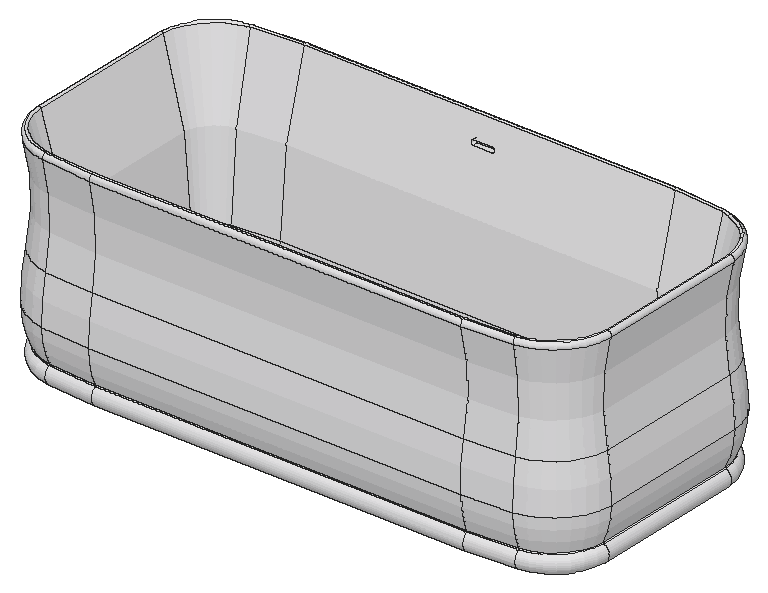
Revit family "Bath-Freestanding-KOHLER-Imperator-K-8334", category Plumbing Fixtures, host Face, Revit 2015
Parameters (values of type "0-White")
  Width = 30 15/16"  # constant formula
  Waste Water Outlet = "Waste Water Outlet"  # constant formula
  Waste Connection = 1 = 1  # yes
  Vent Connection = 1 = 0  # no
  URL = "https://www.us.kohler.com/us/"
  Product Page URL = "http://www.us.kohler.com/us/catalog/productDetails.jsp?productNumber=8334"
  Product Name = "Imperator"  # constant formula
  Product Documentation Link = "http://www.us.kohler.com/onlinecatalog/pdf/K-8334_spec.pdf"
  Model = "K-8334-0"  # constant formula
  Material = "Lithocast Gloss Cast Resin"  # constant formula
  MasterFormat 2004 = "22.41.19"  # constant formula
  MasterFormat 1995 = "15410"  # constant formula
  Manufacturer Address = "444 Highland Dr, Kohler, WI 53044"  # constant formula
  Manufacturer = "KOHLER Co."  # constant formula
  Length = 65 3/4"  # constant formula
  Hot Water Inlet = "Hot Water Inlet"  # constant formula
  Height = 23 3/4"  # constant formula
  HW Connection = 1 = 0  # no
  Finish = Kohler-Lithocast-0-White
  Environmental Product Declaration = ""
  Drain Included = 1 = 1  # yes
  Description = "66inch x 31inch freestanding bath with center toe-tap drain"  # constant formula
  Default Elevation = 0"
  Declare Label = ""
  Date Modified = "01/04/2019"  # constant formula
  Date Created = "01/04/2019"  # constant formula
  Copyright = "Copyright KOHLER Co."  # constant formula
  Contact Us = "https://www.us.kohler.com/us/static/contact.jsp"
  Cold Water Inlet = "Cold Water Inlet"  # constant formula
  CW Connection = 1 = 0  # no
  Assembly Code = "D2010500"
  ADA Compliant = 1 = 0  # no
Reference planes (in)
  plane 1 "Center (Front/Back)": y = 0
  plane 2: z = 0
  plane 3 "Center (Left/Right)": x = 0
  plane 4: y = 15.625
  plane 5: y = -15.3125
  plane 6: x = -32.875
  plane 7: x = 32.875
  plane 8: z = 23.75
Dimensions and locks (in)
  "Width": plane 5 to plane 4
  plane 5 to plane 1 "Center (Front/Back)" = 15 5/16"
  "Length": plane 6 to plane 7
  plane 6 to plane 3 "Center (Left/Right)" = 32 7/8"
  "Height": plane 8 to level
  aligned and locked: plane 2 to host face
  aligned and locked: level to host face
Automatic sketch dimensions
  host sketch curve to host sketch curve = 96"  (x2)
Nested families (in)
  nested 1: "K-8334" at (0, 0, 0), type "K-8334"
Connectors (in)
  piping at (0, 0, 1.7018), diameter 1.5, driven by "Waste Connection", driven by "Waste Water Outlet"
    settings: on nested 1, index 1, connector inside diameter 24", connector length 0", flow factor 0, pipe flow 0 GPM, pressure drop 0.00 psi, fitting loss kfactor 0, connector angle 0.00°, fixture units 0, engagement length 0", angle of deflection 0.00°, flow configuration 0, flow direction 2, fitting loss method 0, system type 16, joint type 0, gender type 0, connector reference index -1, connector utility 1, adjustable connector no, is connector primary yes, connector description "Waste Water Outlet"
Definition of nested family "K-8334"
  Parameters (values of type "K-8334")
    Material = none
  Reference planes (in)
    plane 1 "Center (Front/Back)": y = 0
    plane 2: z = 0
    plane 3 "Center (Left/Right)": x = 0
    plane 4: y = 15.625
    plane 5: y = -15.3125
    plane 6: x = -32.875
    plane 7: x = 32.875
    plane 8: z = 23.75
    plane 9: z = 1.3125
    plane 10: z = 3.5625
    plane 11: z = 21.125
  Forms (in)
    Sweep 1, solid, material <- "Material", detail levels medium+fine
      path origin (0, 0, 0) x (1, 0, 0) y (0, 1, 0)
        loop
          line (20.91648, 15.625) -> (-20.91648, 15.625)
          arc (-20.91648, 15.625) -> (-23.83158, 15.50136) -> (-26.72575, 15.13131) r 34.42569
          arc (-26.72575, 15.13131) -> (-30.71027, 12.95556) -> (-32.52198, 8.79286) r 7
          arc (-32.52198, 8.79286) -> (-32.87492, 0.12906) -> (-32.54237, -8.53556) r 109.68178
          arc (-32.54237, -8.53556) -> (-30.66038, -12.78903) -> (-26.52811, -14.92404) r 7
          arc (-26.52811, -14.92404) -> (-23.72901, -15.21527) -> (-20.91648, -15.3125) r 40.72686
          line (-20.91648, -15.3125) -> (20.91648, -15.3125)
          arc (20.91648, -15.3125) -> (23.72901, -15.21527) -> (26.52811, -14.92404) r 40.72686
          arc (26.52811, -14.92404) -> (30.66038, -12.78903) -> (32.54237, -8.53556) r 7
          arc (32.54237, -8.53556) -> (32.87492, 0.12906) -> (32.52198, 8.79286) r 109.68178
          arc (32.52198, 8.79286) -> (30.71027, 12.95556) -> (26.72575, 15.13131) r 7
          arc (26.72575, 15.13131) -> (23.83158, 15.50136) -> (20.91648, 15.625) r 34.42569
      profile origin (0, -15.3125, 0) x (0, -1, 0) y (0, 0, 1)
        loop
          arc (-1.00042, 0) -> (-0.36629, 0.97403) -> (-0.9135, 1.99942) r 1.14242
          arc (-0.9135, 1.99942) -> (-0.96137, 2.06172) -> (-0.95492, 2.14001) r 0.109
          arc (-0.95492, 2.14001) -> (-0.25584, 4.10907) -> (-0.00191, 6.18306) r 9.54593
          arc (-0.00191, 6.18306) -> (-0.11147, 8.89722) -> (-0.50494, 11.58495) r 25.87794
          arc (-0.50494, 11.58495) -> (-0.97759, 17.33971) -> (-0.1153, 23.0491) r 24.96119
          arc (-0.1153, 23.0491) -> (-0.14547, 23.44255) -> (-0.41768, 23.72824) r 0.58773
          arc (-0.41768, 23.72824) -> (-0.58391, 23.7363) -> (-0.70116, 23.6182) r 0.20465
          arc (-0.70116, 23.6182) -> (-3.22488, 14.62245) -> (-4.10548, 5.32099) r 52.22986
          line (-4.10548, 5.32099) -> (-3.60548, 5.32099) -> (-3.60548, 4.44906) -> (-5.63392, 3.0625) -> (-3.60548, 3.0625) -> (-3.60548, 0) -> (-1.00042, 0)
    Sweep 2, solid, material <- "Material", detail levels medium+fine
      path origin (0, 0, 0) x (1, 0, 0) y (0, 1, 0)
        loop
          arc (-28.44934, -8.21606) -> (-27.67113, -9.97488) -> (-25.96243, -10.85772) r 2.89452
          arc (-25.96243, -10.85772) -> (-23.44549, -11.11959) -> (-20.91648, -11.20702) r 36.62137
          line (-20.91648, -11.20702) -> (20.91648, -11.20702)
          arc (20.91648, -11.20702) -> (23.44549, -11.11959) -> (25.96243, -10.85772) r 36.62137
          arc (25.96243, -10.85772) -> (27.67113, -9.97488) -> (28.44934, -8.21606) r 2.89452
          arc (28.44934, -8.21606) -> (28.76944, 0.12423) -> (28.42971, 8.46374) r 105.57629
          arc (28.42971, 8.46374) -> (27.68057, 10.18502) -> (26.03296, 11.0847) r 2.89452
          arc (26.03296, 11.0847) -> (23.48394, 11.41062) -> (20.91648, 11.51952) r 30.32021
          line (20.91648, 11.51952) -> (-20.91648, 11.51952)
          arc (-20.91648, 11.51952) -> (-23.48394, 11.41062) -> (-26.03296, 11.0847) r 30.32021
          arc (-26.03296, 11.0847) -> (-27.68057, 10.18502) -> (-28.42971, 8.46374) r 2.89452
          arc (-28.42971, 8.46374) -> (-28.76944, 0.12423) -> (-28.44934, -8.21606) r 105.57629
      profile origin (0, -11.20702, 0) x (0, 1, 0) y (0, 0, 1)
        loop
          arc (1.83374, 3.5625) -> (0.54169, 4.0887) -> (-0.0151, 5.36787) r 1.84936
          line (-0.0151, 5.36787) -> (-0.81143, 5.36787)
          arc (-0.81143, 5.36787) -> (-0.11395, 3.73566) -> (1.52843, 3.0625) r 2.34012
          line (1.52843, 3.0625) -> (2.25, 3.0625) -> (2.25, 3.5625) -> (1.83374, 3.5625)
    Extrusion 3, solid, material <- "Material", detail levels medium+fine
      sketch origin (0, 0, 0) x (1, 0, 0) y (0, 1, 0)
        loop
          arc (-25.65327, 8.86697) -> (-26.02014, 8.66664) -> (-26.18695, 8.28336) r 0.64452
          arc (-26.18695, 8.28336) -> (-26.51944, 0.12158) -> (-26.20616, -8.04097) r 103.32629
          arc (-26.20616, -8.04097) -> (-26.03288, -8.4326) -> (-25.65241, -8.62918) r 0.64452
          arc (-25.65241, -8.62918) -> (-23.29011, -8.87496) -> (-20.91648, -8.95702) r 34.37137
          line (-20.91648, -8.95702) -> (20.91648, -8.95702)
          arc (20.91648, -8.95702) -> (23.29011, -8.87496) -> (25.65241, -8.62918) r 34.37137
          arc (25.65241, -8.62918) -> (26.03288, -8.4326) -> (26.20616, -8.04097) r 0.64452
          arc (26.20616, -8.04097) -> (26.51944, 0.12158) -> (26.18695, 8.28336) r 103.32629
          arc (26.18695, 8.28336) -> (26.02014, 8.66664) -> (25.65327, 8.86697) r 0.64452
          arc (25.65327, 8.86697) -> (23.29341, 9.1687) -> (20.91648, 9.26952) r 28.07021
          line (20.91648, 9.26952) -> (-20.91648, 9.26952)
          arc (-20.91648, 9.26952) -> (-23.29341, 9.1687) -> (-25.65327, 8.86697) r 28.07021
      from 3.0625 to 3.5625
    Revolve 4, solid, material <- "Material", detail levels medium+fine
      sketch origin (0, 0, 0) x (0, 1, 0) y (0, 0, 1)
        loop
          line (0, 3.0625) -> (0, 1.7018) -> (1.5, 1.7018) -> (1.5, 1.3125) -> (2.44715, 1.3125)
          arc (2.44715, 1.3125) -> (2.8007, 1.45895) -> (2.94715, 1.8125) r 0.5
          line (2.94715, 1.8125) -> (2.94715, 2.5625)
          arc (2.94715, 2.5625) -> (3.0936, 2.91605) -> (3.44715, 3.0625) r 0.5
          line (3.44715, 3.0625) -> (0, 3.0625)
        axis (0, 3.0625) -> (0, 1.3125)
      angle from 0 to 360
    Extrusion 5, solid, material <- "Material", detail levels medium+fine
      sketch origin (0, 0, 0) x (1, 0, 0) y (0, 1, 0)
        loop
          arc (14.07678, -8.82665) -> (14.25355, -8.75343) -> (14.32678, -8.57665) r 0.25
          line (14.32678, -8.57665) -> (14.32678, -4.42335)
          arc (14.32678, -4.42335) -> (14.25355, -4.24657) -> (14.07678, -4.17335) r 0.25
          line (14.07678, -4.17335) -> (9.92322, -4.17335)
          arc (9.92322, -4.17335) -> (9.74645, -4.24657) -> (9.67322, -4.42335) r 0.25
          line (9.67322, -4.42335) -> (9.67322, -8.57665)
          arc (9.67322, -8.57665) -> (9.74645, -8.75343) -> (9.92322, -8.82665) r 0.25
          line (9.92322, -8.82665) -> (14.07678, -8.82665)
        loop
          arc (14.07678, 4.17335) -> (14.25355, 4.24657) -> (14.32678, 4.42335) r 0.25
          line (14.32678, 4.42335) -> (14.32678, 8.57665)
          arc (14.32678, 8.57665) -> (14.25355, 8.75343) -> (14.07678, 8.82665) r 0.25
          line (14.07678, 8.82665) -> (9.92322, 8.82665)
          arc (9.92322, 8.82665) -> (9.74645, 8.75343) -> (9.67322, 8.57665) r 0.25
          line (9.67322, 8.57665) -> (9.67322, 4.42335)
          arc (9.67322, 4.42335) -> (9.74645, 4.24657) -> (9.92322, 4.17335) r 0.25
          line (9.92322, 4.17335) -> (14.07678, 4.17335)
        loop
          arc (-9.92322, -8.82665) -> (-9.74645, -8.75343) -> (-9.67322, -8.57665) r 0.25
          line (-9.67322, -8.57665) -> (-9.67322, -4.42335)
          arc (-9.67322, -4.42335) -> (-9.74645, -4.24657) -> (-9.92322, -4.17335) r 0.25
          line (-9.92322, -4.17335) -> (-14.07678, -4.17335)
          arc (-14.07678, -4.17335) -> (-14.25355, -4.24657) -> (-14.32678, -4.42335) r 0.25
          line (-14.32678, -4.42335) -> (-14.32678, -8.57665)
          arc (-14.32678, -8.57665) -> (-14.25355, -8.75343) -> (-14.07678, -8.82665) r 0.25
          line (-14.07678, -8.82665) -> (-9.92322, -8.82665)
        loop
          arc (-9.92322, 4.17335) -> (-9.74645, 4.24657) -> (-9.67322, 4.42335) r 0.25
          line (-9.67322, 4.42335) -> (-9.67322, 8.57665)
          arc (-9.67322, 8.57665) -> (-9.74645, 8.75343) -> (-9.92322, 8.82665) r 0.25
          line (-9.92322, 8.82665) -> (-14.07678, 8.82665)
          arc (-14.07678, 8.82665) -> (-14.25355, 8.75343) -> (-14.32678, 8.57665) r 0.25
          line (-14.32678, 8.57665) -> (-14.32678, 4.42335)
          arc (-14.32678, 4.42335) -> (-14.25355, 4.24657) -> (-14.07678, 4.17335) r 0.25
          line (-14.07678, 4.17335) -> (-9.92322, 4.17335)
      from 0 to 3.0625
    Revolve 6, void
      sketch origin (0, 0, 0) x (0, 1, 0) y (0, 0, 1)
        loop
          line (2.81, 3.5625) -> (0, 3.5625) -> (0, 2.91482) -> (2.56, 2.91482) -> (2.56, 3.3125)
          arc (2.56, 3.3125) -> (2.63322, 3.48928) -> (2.81, 3.5625) r 0.25
        axis (0, 3.5625) -> (0, 2.91482)
      angle from 0 to 360
    Revolve 7, solid, material <- "Material", detail levels medium+fine
      sketch origin (0, 0, 0) x (0, 1, 0) y (0, 0, 1)
        loop
          arc (2.30435, 3.28021) -> (2.4611, 3.42764) -> (2.32355, 3.59314) r 0.15705
          arc (2.32355, 3.59314) -> (1.16396, 3.70005) -> (0, 3.73573) r 19.00256
          line (0, 3.73573) -> (0, 3.28021) -> (2.30435, 3.28021)
        axis (0, 3.73573) -> (0, 3.28021)
      angle from 0 to 360
    Extrusion 8, void
      sketch origin (0, 0, 0) x (1, 0, 0) y (0, 0, 1)
        loop
          line (1.07001, 21.375) -> (-1.07001, 21.375)
          arc (-1.07001, 21.375) -> (-1.32001, 21.125) -> (-1.07001, 20.875) r 0.25
          line (-1.07001, 20.875) -> (1.07001, 20.875)
          arc (1.07001, 20.875) -> (1.32001, 21.125) -> (1.07001, 21.375) r 0.25
      from -14.54397 to -13.83855
    Extrusion 9, solid, material <- "Material", detail levels medium+fine
      sketch origin (0, 0, 0) x (1, 0, 0) y (0, 0, 1)
        loop
          line (-2.3925, 1.8201) -> (2.3925, 1.8201)
          arc (2.3925, 1.8201) -> (2.74605, 1.96654) -> (2.8925, 2.3201) r 0.5
          line (2.8925, 2.3201) -> (2.8925, 3.0625) -> (-2.8925, 3.0625) -> (-2.8925, 2.3201)
          arc (-2.8925, 2.3201) -> (-2.74605, 1.96654) -> (-2.3925, 1.8201) r 0.5
      from -12.01952 to -0.29719
    Extrusion 10, solid, material <- "Material", detail levels coarse
      sketch origin (0, 0, 0) x (1, 0, 0) y (0, 1, 0)
        loop
          arc (-26.72575, 15.13131) -> (-30.71027, 12.95556) -> (-32.52198, 8.79286) r 7
          arc (-32.52198, 8.79286) -> (-32.87492, 0.12906) -> (-32.54237, -8.53556) r 109.68178
          arc (-32.54237, -8.53556) -> (-30.66038, -12.78903) -> (-26.52811, -14.92404) r 7
          arc (-26.52811, -14.92404) -> (-23.72901, -15.21527) -> (-20.91648, -15.3125) r 40.72686
          line (-20.91648, -15.3125) -> (20.91648, -15.3125)
          arc (20.91648, -15.3125) -> (23.72901, -15.21527) -> (26.52811, -14.92404) r 40.72686
          arc (26.52811, -14.92404) -> (30.66038, -12.78903) -> (32.54237, -8.53556) r 7
          arc (32.54237, -8.53556) -> (32.87492, 0.12906) -> (32.52198, 8.79286) r 109.68178
          arc (32.52198, 8.79286) -> (30.71027, 12.95556) -> (26.72575, 15.13131) r 7
          arc (26.72575, 15.13131) -> (23.83158, 15.50136) -> (20.91648, 15.625) r 34.42569
          line (20.91648, 15.625) -> (-20.91648, 15.625)
          arc (-20.91648, 15.625) -> (-23.83158, 15.50136) -> (-26.72575, 15.13131) r 34.42569
      from 0 to 23.75
    Blend 11, void
      base sketch origin (0, 0, 0) x (1, 0, 0) y (0, 1, 0)
        loop
          line (20.91648, 9.51952) -> (-20.91648, 9.51952)
          arc (-20.91648, 9.51952) -> (-23.31458, 9.4178) -> (-25.69546, 9.11338) r 28.32021
          arc (-25.69546, 9.11338) -> (-26.20463, 8.83535) -> (-26.43615, 8.3034) r 0.89452
          arc (-26.43615, 8.3034) -> (-26.76944, 0.12187) -> (-26.4554, -8.06042) r 103.57629
          arc (-26.4554, -8.06042) -> (-26.21491, -8.60396) -> (-25.68685, -8.87679) r 0.89452
          arc (-25.68685, -8.87679) -> (-23.30737, -9.12436) -> (-20.91648, -9.20702) r 34.62137
          line (-20.91648, -9.20702) -> (20.91648, -9.20702)
          arc (20.91648, -9.20702) -> (23.30737, -9.12436) -> (25.68685, -8.87679) r 34.62137
          arc (25.68685, -8.87679) -> (26.21491, -8.60396) -> (26.4554, -8.06042) r 0.89452
          arc (26.4554, -8.06042) -> (26.76944, 0.12187) -> (26.43615, 8.3034) r 103.57629
          arc (26.43615, 8.3034) -> (26.20463, 8.83535) -> (25.69546, 9.11338) r 0.89452
          arc (25.69546, 9.11338) -> (23.31458, 9.4178) -> (20.91648, 9.51952) r 28.32021
      top sketch origin (0, 0, 0) x (1, 0, 0) y (0, 1, 0)
        loop
          arc (-31.52478, 8.71266) -> (-31.8745, 0.12788) -> (-31.54498, -8.4577) r 108.68136
          arc (-31.54498, -8.4577) -> (-29.93196, -12.10328) -> (-26.39026, -13.93316) r 5.99958
          arc (-26.39026, -13.93316) -> (-23.65992, -14.21724) -> (-20.91648, -14.31208) r 39.72644
          line (-20.91648, -14.31208) -> (20.91648, -14.31208)
          arc (20.91648, -14.31208) -> (23.65992, -14.21724) -> (26.39026, -13.93316) r 39.72644
          arc (26.39026, -13.93316) -> (29.93196, -12.10328) -> (31.54498, -8.4577) r 5.99958
          arc (31.54498, -8.4577) -> (31.8745, 0.12788) -> (31.52478, 8.71266) r 108.68136
          arc (31.52478, 8.71266) -> (29.972, 12.28044) -> (26.55693, 14.14523) r 5.99958
          arc (26.55693, 14.14523) -> (23.74687, 14.50453) -> (20.91648, 14.62458) r 33.42527
          line (20.91648, 14.62458) -> (-20.91648, 14.62458)
          arc (-20.91648, 14.62458) -> (-23.74687, 14.50453) -> (-26.55693, 14.14523) r 33.42527
          arc (-26.55693, 14.14523) -> (-29.972, 12.28044) -> (-31.52478, 8.71266) r 5.99958
      from 3.0625 to 23.75
  Cuts and joins
    Extrusion 8 cuts Sweep 1
    Revolve 6 cuts Extrusion 3
    Revolve 6 cuts Revolve 4
    Revolve 6 cuts Extrusion 5
    Revolve 6 cuts Extrusion 9
    joined: Sweep 1, Sweep 2, Extrusion 3, Revolve 4, Extrusion 5, Revolve 7, Extrusion 9
    Blend 11 cuts Extrusion 10
  Lines and regions (in)
    Masking region 1
      outline origin (0, 0, 0) x (0, 1, 0) y (0, 0, 1)
        loop
          arc (-14.399, 1.99942) -> (-14.94621, 0.97403) -> (-14.31208, 0) r 1.14242
          line (-14.31208, 0) -> (14.62458, 0)
          arc (14.62458, 0) -> (15.25871, 0.97403) -> (14.7115, 1.99942) r 1.14242
          arc (14.7115, 1.99942) -> (14.66363, 2.06172) -> (14.67008, 2.14001) r 0.109
          arc (14.67008, 2.14001) -> (15.36916, 4.10907) -> (15.62309, 6.18306) r 9.54593
          arc (15.62309, 6.18306) -> (15.51353, 8.89722) -> (15.12006, 11.58495) r 25.87794
          arc (15.12006, 11.58495) -> (14.64741, 17.33971) -> (15.5097, 23.0491) r 24.96119
          arc (15.5097, 23.0491) -> (15.47953, 23.44255) -> (15.20732, 23.72824) r 0.58773
          arc (15.20732, 23.72824) -> (15.16657, 23.7436) -> (15.12349, 23.75) r 0.20465
          line (15.12349, 23.75) -> (-14.81099, 23.75)
          arc (-14.81099, 23.75) -> (-14.85407, 23.7436) -> (-14.89482, 23.72824) r 0.20465
          arc (-14.89482, 23.72824) -> (-15.16703, 23.44255) -> (-15.1972, 23.0491) r 0.58773
          arc (-15.1972, 23.0491) -> (-14.33491, 17.33971) -> (-14.80756, 11.58495) r 24.96119
          arc (-14.80756, 11.58495) -> (-15.20103, 8.89722) -> (-15.31059, 6.18306) r 25.87794
          arc (-15.31059, 6.18306) -> (-15.05666, 4.10907) -> (-14.35758, 2.14001) r 9.54593
          arc (-14.35758, 2.14001) -> (-14.35113, 2.06172) -> (-14.399, 1.99942) r 0.109
    Masking region 2
      outline origin (0, 0, 0) x (1, 0, 0) y (0, 0, 1)
        loop
          arc (31.9615, 1.99942) -> (31.91363, 2.06172) -> (31.92008, 2.14001) r 0.109
          arc (31.92008, 2.14001) -> (32.61916, 4.10907) -> (32.87309, 6.18306) r 9.54593
          arc (32.87309, 6.18306) -> (32.76353, 8.89722) -> (32.37006, 11.58495) r 25.87794
          arc (32.37006, 11.58495) -> (31.89741, 17.33971) -> (32.7597, 23.0491) r 24.96119
          arc (32.7597, 23.0491) -> (32.72953, 23.44255) -> (32.45732, 23.72824) r 0.58773
          arc (32.45732, 23.72824) -> (32.41657, 23.7436) -> (32.37349, 23.75) r 0.20465
          line (32.37349, 23.75) -> (-32.37349, 23.75)
          arc (-32.37349, 23.75) -> (-32.41657, 23.7436) -> (-32.45732, 23.72824) r 0.20465
          arc (-32.45732, 23.72824) -> (-32.72953, 23.44255) -> (-32.7597, 23.0491) r 0.58773
          arc (-32.7597, 23.0491) -> (-31.89741, 17.33971) -> (-32.37006, 11.58495) r 24.96119
          arc (-32.37006, 11.58495) -> (-32.76353, 8.89722) -> (-32.87309, 6.18306) r 25.87794
          arc (-32.87309, 6.18306) -> (-32.61916, 4.10907) -> (-31.92008, 2.14001) r 9.54593
          arc (-31.92008, 2.14001) -> (-31.91363, 2.06172) -> (-31.9615, 1.99942) r 0.109
          arc (-31.9615, 1.99942) -> (-32.50871, 0.97403) -> (-31.87458, 0) r 1.14242
          line (-31.87458, 0) -> (31.87458, 0)
          arc (31.87458, 0) -> (32.50871, 0.97403) -> (31.9615, 1.99942) r 1.14242
    Masking region 3
      outline origin (0, 0, 0) x (1, 0, 0) y (0, 1, 0)
        loop
          line (20.91648, 15.625) -> (-20.91648, 15.625)
          arc (-20.91648, 15.625) -> (-23.83158, 15.50136) -> (-26.72575, 15.13131) r 34.42569
          arc (-26.72575, 15.13131) -> (-30.71027, 12.95556) -> (-32.52198, 8.79286) r 7
          arc (-32.52198, 8.79286) -> (-32.87492, 0.12906) -> (-32.54237, -8.53556) r 109.68178
          arc (-32.54237, -8.53556) -> (-30.66038, -12.78903) -> (-26.52811, -14.92404) r 7
          arc (-26.52811, -14.92404) -> (-23.72901, -15.21527) -> (-20.91648, -15.3125) r 40.72686
          line (-20.91648, -15.3125) -> (20.91648, -15.3125)
          arc (20.91648, -15.3125) -> (23.72901, -15.21527) -> (26.52811, -14.92404) r 40.72686
          arc (26.52811, -14.92404) -> (30.66038, -12.78903) -> (32.54237, -8.53556) r 7
          arc (32.54237, -8.53556) -> (32.87492, 0.12906) -> (32.52198, 8.79286) r 109.68178
          arc (32.52198, 8.79286) -> (30.71027, 12.95556) -> (26.72575, 15.13131) r 7
          arc (26.72575, 15.13131) -> (23.83158, 15.50136) -> (20.91648, 15.625) r 34.42569
    symbolic lines, detail levels medium+fine
      curve 1: line (0, 14.67008, 2.14001) -> (0, -14.35758, 2.14001)
      curve 2: line (-31.92008, 0, 2.14001) -> (31.92008, 0, 2.14001)
      curve 3: arc (-26.55693, 14.14523, 0) -> (-29.972, 12.28044, 0) -> (-31.52478, 8.71266, 0) r 5.99958
      curve 4: arc (-31.52478, 8.71266, 0) -> (-31.8745, 0.12788, 0) -> (-31.54498, -8.4577, 0) r 108.68136
      curve 5: arc (-31.54498, -8.4577, 0) -> (-29.93196, -12.10328, 0) -> (-26.39026, -13.93316, 0) r 5.99958
      curve 6: arc (-26.39026, -13.93316, 0) -> (-23.65992, -14.21724, 0) -> (-20.91648, -14.31208, 0) r 39.72644
      curve 7: arc (-20.91648, 14.62458, 0) -> (-23.74687, 14.50453, 0) -> (-26.55693, 14.14523, 0) r 33.42527
      curve 8: line (-20.91648, 14.62458, 0) -> (20.91648, 14.62458, 0)
      curve 9: arc (26.55693, 14.14523, 0) -> (23.74687, 14.50453, 0) -> (20.91648, 14.62458, 0) r 33.42527
      curve 10: arc (31.52478, 8.71266, 0) -> (29.972, 12.28044, 0) -> (26.55693, 14.14523, 0) r 5.99958
      curve 11: arc (31.54498, -8.4577, 0) -> (31.8745, 0.12788, 0) -> (31.52478, 8.71266, 0) r 108.68136
      curve 12: arc (26.39026, -13.93316, 0) -> (29.93196, -12.10328, 0) -> (31.54498, -8.4577, 0) r 5.99958
      curve 13: arc (20.91648, -14.31208, 0) -> (23.65992, -14.21724, 0) -> (26.39026, -13.93316, 0) r 39.72644
      curve 14: line (-20.91648, -14.31208, 0) -> (20.91648, -14.31208, 0)
      curve 15: circle (0, 0, 0) r 2.56 normal (0, 0, 1)
      curve 16: circle (0, 0, 0) r 2.45665 normal (0, 0, 1)
      curve 17: arc (-25.69546, 9.11338, 0) -> (-26.20463, 8.83535, 0) -> (-26.43615, 8.3034, 0) r 0.89452
      curve 18: arc (-26.43615, 8.3034, 0) -> (-26.76944, 0.12187, 0) -> (-26.4554, -8.06042, 0) r 103.57629
      curve 19: arc (-26.4554, -8.06042, 0) -> (-26.21491, -8.60396, 0) -> (-25.68685, -8.87679, 0) r 0.89452
      curve 20: arc (-25.68685, -8.87679, 0) -> (-23.30737, -9.12436, 0) -> (-20.91648, -9.20702, 0) r 34.62137
      curve 21: line (-20.91648, -9.20702, 0) -> (20.91648, -9.20702, 0)
      curve 22: arc (20.91648, -9.20702, 0) -> (23.30737, -9.12436, 0) -> (25.68685, -8.87679, 0) r 34.62137
      curve 23: arc (25.68685, -8.87679, 0) -> (26.21491, -8.60396, 0) -> (26.4554, -8.06042, 0) r 0.89452
      curve 24: arc (26.4554, -8.06042, 0) -> (26.76944, 0.12187, 0) -> (26.43615, 8.3034, 0) r 103.57629
      curve 25: arc (26.43615, 8.3034, 0) -> (26.20463, 8.83535, 0) -> (25.69546, 9.11338, 0) r 0.89452
      curve 26: arc (25.69546, 9.11338, 0) -> (23.31458, 9.4178, 0) -> (20.91648, 9.51952, 0) r 28.32021
      curve 27: line (20.91648, 9.51952, 0) -> (-20.91648, 9.51952, 0)
      curve 28: arc (-20.91648, 9.51952, 0) -> (-23.31458, 9.4178, 0) -> (-25.69546, 9.11338, 0) r 28.32021
      curve 29: line (-1.08638, 14.12959, 0) -> (1.08638, 14.12959, 0)
      curve 30: spline (1.08638, 14.12959, 0) -> (1.14876, 14.12505, 0) -> (1.20575, 14.11602, 0) -> (1.254, 14.10305, 0) -> (1.29068, 14.08688, 0) -> (1.31363, 14.06848, 0) -> (1.3215, 14.04892, 0) -> (1.31383, 14.02936, 0) -> (1.29108, 14.01094, 0) -> (1.25456, 13.99475, 0) -> (1.20645, 13.98173, 0) -> (1.14955, 13.97266, 0) -> (1.08722, 13.96806, 0)
      curve 31: line (1.08722, 13.96806, 0) -> (-1.08723, 13.96806, 0)
      curve 32: spline (-1.08723, 13.96806, 0) -> (-1.14955, 13.97266, 0) -> (-1.20645, 13.98173, 0) -> (-1.25457, 13.99475, 0) -> (-1.29108, 14.01094, 0) -> (-1.31383, 14.02936, 0) -> (-1.3215, 14.04892, 0) -> (-1.31363, 14.06848, 0) -> (-1.29068, 14.08688, 0) -> (-1.254, 14.10305, 0) -> (-1.20575, 14.11602, 0) -> (-1.14876, 14.12505, 0) -> (-1.08638, 14.12959, 0)
  Dimensions and locks (in)
    locked: plane 5 to plane 4 at 30.9375
    plane 1 "Center (Front/Back)" to plane 5 = 15 5/16"
    plane 6 to plane 7 = 65 3/4"
    plane 6 to plane 3 "Center (Left/Right)" = 32 7/8"
    plane 9 to plane 2 = 1 5/16"
    plane 10 to plane 9 = 2 1/4"
    plane 8 to level = 23 3/4"
    aligned and locked: plane 2 to level
